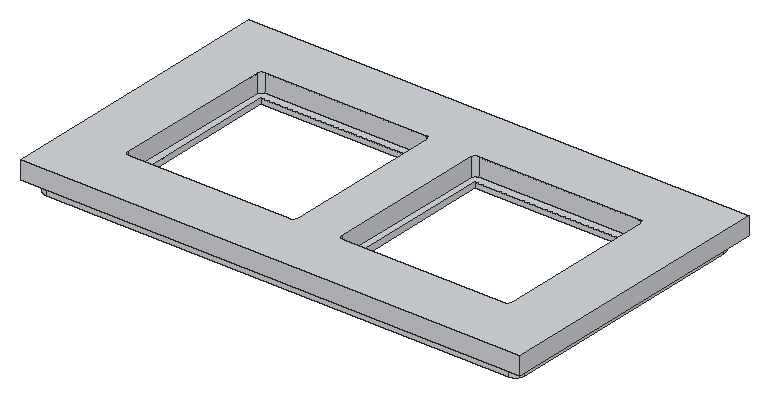
Revit family "Gira_021210", category Electrical Fixtures, host Face, Revit 2017
Family settings
  Host = Face
  Maintain Annotation Orientation = No
  Round Connector Dimension = Use Diameter
  Part Type = Normal
  Cut with Voids When Loaded = No
  Shared = No
  Room Calculation Point = No
Parameters (values of type "Abdeckrahmen 2f Gira Esprit Chrom")
  Werkstoffgüte = "sonstige"
  Werkstoff = "Metall"
  URL = "http://katalog.gira.de/de_DE/datenblatt.html?artikelnr=021210"
  Transparent = "No"
  Textfeld/Beschriftungsfläche = "No"
  Schutzart (IP) = "IP20"
  Region = "DE"
  Oberfläche = "sonstige"
  Name = "Abdeckrahmen 2f Gira Esprit Chrom"
  Montagerichtung = "horizontal und vertikal"
  Mit Montagerahmen = "No"
  Mit Klappdeckel = "No"
  Manufacturer URL = "https://www.gira.de/"
  Keynote = "Espr._Rahmen_2fach"
  HeinzeBIM = "https://bimportal.heinze.de/bim/abdeckrahmen-2f-gira-esprit-chrom/25b0136689880f39970e2157ddd1d79af2e73a47"
  Halogenfrei = "No"
  HAN = "021210"
  Geeignet für Unterputz-Installation = "Yes"
  Geeignet für Unterflurkanaldose = "No"
  Geeignet für Geräteeinbaukanal = "No"
  Geeignet für Einbauinstallation = "No"
  GTIN = "4010337003021"
  Farbe = "chrom"
  Default Elevation = 1219.2 mm
  Data sheet (1) = "https://katalog.gira.de/de_DE/download.html?artikelnr=021210"
  Category = "Abdeckrahmen"
  Befestigungsart = "Klemmbefestigung"
  Available = "Yes"
  Anzahl der Einheiten vertikal = "2 "
  Anzahl der Einheiten horizontal = "2 "
  Anzahl der Einheiten = "2 "
Reference planes
  plane 1 "Center (Front/Back)": y = 0
  plane 2: z = 0
  plane 3 "Center (Left/Right)": x = 0
Forms (mm)
  Extrusion 1, solid, detail levels fine
    sketch origin (0, 0, 0) x (1, 0, 0) y (0, 1, 0)
      loop
        line (-83, 47.5) -> (-83, -47.5) -> (83, -47.5) -> (83, 47.5) -> (-83, 47.5)
      loop
        arc (-63.75, -26.7) -> (-63.311, -27.761) -> (-62.25, -28.2) r 1.5
        line (-62.25, -28.2) -> (-8.85, -28.2)
        arc (-8.85, -28.2) -> (-7.789, -27.761) -> (-7.35, -26.7) r 1.5
        line (-7.35, -26.7) -> (-7.35, 26.7)
        arc (-7.35, 26.7) -> (-7.789, 27.761) -> (-8.85, 28.2) r 1.5
        line (-8.85, 28.2) -> (-62.25, 28.2)
        arc (-62.25, 28.2) -> (-63.311, 27.761) -> (-63.75, 26.7) r 1.5
        line (-63.75, 26.7) -> (-63.75, -26.7)
      loop
        line (63.75, -26.7) -> (63.75, 26.7)
        arc (63.75, 26.7) -> (63.311, 27.761) -> (62.25, 28.2) r 1.5
        line (62.25, 28.2) -> (8.85, 28.2)
        arc (8.85, 28.2) -> (7.789, 27.761) -> (7.35, 26.7) r 1.5
        line (7.35, 26.7) -> (7.35, -26.7)
        arc (7.35, -26.7) -> (7.789, -27.761) -> (8.85, -28.2) r 1.5
        line (8.85, -28.2) -> (62.25, -28.2)
        arc (62.25, -28.2) -> (63.311, -27.761) -> (63.75, -26.7) r 1.5
    from 0 to 6
  Extrusion 2, solid, detail levels fine
    sketch origin (0, 0, 0) x (1, 0, 0) y (0, 1, 0)
      loop
        line (-61.45, -25.7) -> (-9.65, -25.7) -> (-9.65, 25.7) -> (-61.45, 25.7) -> (-61.45, -25.7)
      loop
        line (61.45, 25.7) -> (9.65, 25.7) -> (9.65, -25.7) -> (61.45, -25.7) -> (61.45, 25.7)
      loop
        arc (-78.454, -41.3) -> (-77.927, -42.573) -> (-76.654, -43.1) r 1.8
        line (-76.654, -43.1) -> (76.654, -43.1)
        arc (76.654, -43.1) -> (77.927, -42.573) -> (78.454, -41.3) r 1.8
        line (78.454, -41.3) -> (78.454, 41.3)
        arc (78.454, 41.3) -> (77.927, 42.573) -> (76.654, 43.1) r 1.8
        line (76.654, 43.1) -> (-76.654, 43.1)
        arc (-76.654, 43.1) -> (-77.927, 42.573) -> (-78.454, 41.3) r 1.8
        line (-78.454, 41.3) -> (-78.454, -41.3)
    from -1.9 to 0
  Extrusion 3, solid, detail levels fine
    sketch origin (0, 0, 0) x (1, 0, 0) y (0, 1, 0)
      loop
        arc (-76.75, 44.4) -> (-78.871, 43.521) -> (-79.75, 41.4) r 3
        line (-79.75, 41.4) -> (-79.75, -41.4)
        arc (-79.75, -41.4) -> (-78.871, -43.521) -> (-76.75, -44.4) r 3
        line (-76.75, -44.4) -> (76.75, -44.4)
        arc (76.75, -44.4) -> (78.871, -43.521) -> (79.75, -41.4) r 3
        line (79.75, -41.4) -> (79.75, 41.4)
        arc (79.75, 41.4) -> (78.871, 43.521) -> (76.75, 44.4) r 3
        line (76.75, 44.4) -> (-76.75, 44.4)
      loop
        arc (-78.55, -41.4) -> (-78.023, -42.673) -> (-76.75, -43.2) r 1.8
        line (-76.75, -43.2) -> (76.75, -43.2)
        arc (76.75, -43.2) -> (78.023, -42.673) -> (78.55, -41.4) r 1.8
        line (78.55, -41.4) -> (78.55, 41.4)
        arc (78.55, 41.4) -> (78.023, 42.673) -> (76.75, 43.2) r 1.8
        line (76.75, 43.2) -> (-76.75, 43.2)
        arc (-76.75, 43.2) -> (-78.023, 42.673) -> (-78.55, 41.4) r 1.8
        line (-78.55, 41.4) -> (-78.55, -41.4)
    from -3.7 to 0
  Extrusion 4, solid, detail levels medium
    sketch origin (0, 0, 0) x (1, 0, 0) y (0, 1, 0)
      loop
        line (-83, 47.5) -> (-83, -47.5) -> (83, -47.5) -> (83, 47.5) -> (-83, 47.5)
    from 0 to 6
  Extrusion 5, solid, detail levels medium
    sketch origin (0, 0, 0) x (1, 0, 0) y (0, 1, 0)
      loop
        line (-79.75, 44.4) -> (-79.75, -44.4) -> (79.75, -44.4) -> (79.75, 44.4) -> (-79.75, 44.4)
    from -3.7 to 0
  Extrusion 6, solid, detail levels coarse
    sketch origin (0, 0, 0) x (1, 0, 0) y (0, 1, 0)
      loop
        line (-83, 47.5) -> (-83, -47.5) -> (83, -47.5) -> (83, 47.5) -> (-83, 47.5)
    from -3.7 to 6
Dimensions and locks
  aligned and locked: plane 2 to host face
  aligned and locked: level to host face
